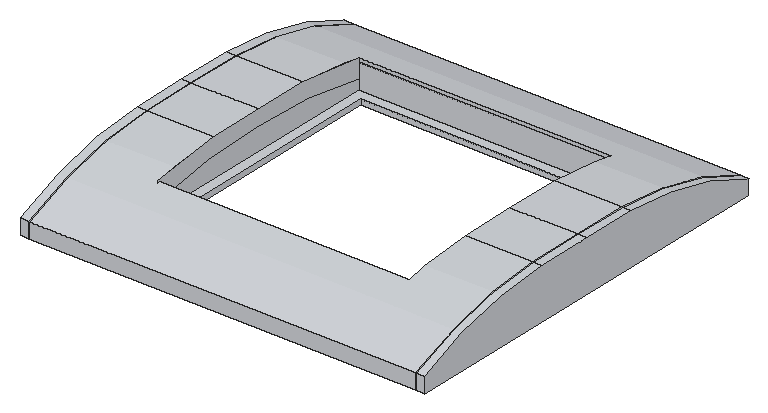
Revit family "Gira_100207", category Electrical Fixtures, host Face, Revit 2017
Family settings
  Host = Face
  Maintain Annotation Orientation = No
  Round Connector Dimension = Use Diameter
  Part Type = Normal
  Cut with Voids When Loaded = No
  Shared = No
  Room Calculation Point = No
Parameters (values of type "Cov.fr. 2-g w/o cb interm.fr. AN Gira Event p.white m")
  With mounting grid = "No"
  With hinged lid = "No"
  URL = "http://katalog.gira.de/en/datenblatt.html?artikelnr=100207"
  Type of fastening = "Clamp mounting"
  Transparent = "No"
  Surface protection = "Other"
  Suitable for wall duct = "No"
  Suitable for flush-mounted installation = "Yes"
  Suitable for floor box = "No"
  Suitable for built-in installation = "No"
  Number of units vertical = "2"
  Number of units horizontal = "2"
  Number of units = "2"
  Name = "Cov.fr. 2-g w/o cb interm.fr. AN Gira Event p.white m"
  Mounting direction = "Horizontal and vertical"
  Material quality = "Thermoplastic"
  Material = "Plastic"
  Manufacturer URL = "https://www.gira.de/"
  Manufacturer = "Gira"
  Label space/information surface = "No"
  Keynote = ""
  HeinzeBIM = "https://bimportal.heinze.de/bim/cov-fr-2-g-w-o-cb-interm-fr-an-gira-event-p-white-m/7cfb60c4c4547ee41ea7f1f59e886a9f5c52b65e"
  Halogen free = "Yes"
  HAN = "100207"
  GTIN = "4010337002079"
  Description = "Cov.fr.2g w o cb i.fr.AN Event PWm,Gira Event frames,pure white matt with anthracite intermediate frame,2-gang without crossbar,Features:,- Shatter-proof."
  Degree of protection (IP) = "IP20"
  Default Elevation = 1219.2 mm
  Data sheet (1) = "https://katalog.gira.de/en/download.html?artikelnr=100207"
  Colour = "White"
  Category = "Cover frame for domestic switching devices"
  BIM (1) = "https://media.stage.bim.site/public/gira/36a6b08/Event_Rahmen_2fach o.Mittelsteg.rfa?public/gira/36a6b08/Event_Rahmen_2fach o.Mittelsteg.rfa"
  Available = "No"
Reference planes
  plane 1 "Center (Front/Back)": y = 0
  plane 2: z = 0
  plane 3 "Center (Left/Right)": x = 0
Forms (mm)
  Extrusion 1, solid, detail levels fine
    sketch origin (0, 0, 1.55) x (0, 1, 0) y (0, 0, 1)
      loop
        arc (12.445, 9.683) -> (6.223, 9.833) -> (0, 9.85) r 291.636
        arc (0, 9.85) -> (-6.223, 9.833) -> (-12.445, 9.683) r 291.636
        arc (-12.445, 9.683) -> (-29.14, 7.482) -> (-45, 1.823) r 79.728
        line (-45, 1.823) -> (-45, -1.55) -> (-41.777, -1.55) -> (-41.777, -0.55)
        arc (-41.777, -0.55) -> (-21.205, 4.846) -> (0, 6.467) r 118.15
        arc (0, 6.467) -> (21.205, 4.846) -> (41.777, -0.55) r 118.15
        line (41.777, -0.55) -> (41.777, -1.55) -> (45, -1.55) -> (45, 1.823)
        arc (45, 1.823) -> (29.14, 7.482) -> (12.445, 9.683) r 79.728
    from -43 to 43
  Extrusion 2, void, detail levels fine
    sketch origin (0, 0, 0) x (1, 0, 0) y (0, 1, 0)
      loop
        line (-28, -28) -> (28, -28) -> (28, 28) -> (-28, 28) -> (-28, -28)
    from 2.85 to 12
  Extrusion 3, solid, detail levels coarse
    sketch origin (0, 0, 0) x (1, 0, 0) y (0, 1, 0)
      loop
        line (-45, 45) -> (-45, -45) -> (45, -45) -> (45, 45) -> (-45, 45)
    from 0 to 11.4
  Extrusion 4, solid, detail levels medium
    sketch origin (0, 0, 1.55) x (0, 1, 0) y (0, 0, 1)
      loop
        arc (12.445, 9.683) -> (6.223, 9.833) -> (0, 9.85) r 291.636
        arc (0, 9.85) -> (-6.223, 9.833) -> (-12.445, 9.683) r 291.636
        arc (-12.445, 9.683) -> (-29.14, 7.482) -> (-45, 1.823) r 79.728
        line (-45, 1.823) -> (-45, -1.55) -> (45, -1.55) -> (45, 1.823)
        arc (45, 1.823) -> (29.14, 7.482) -> (12.445, 9.683) r 79.728
    from -45 to 45
  Extrusion 5, solid, detail levels fine
    sketch origin (0, 0, 0) x (0, 1, 0) y (0, 0, 1)
      loop
        arc (45, 3.373) -> (29.14, 9.032) -> (12.445, 11.233) r 79.728
        arc (12.445, 11.233) -> (6.223, 11.383) -> (0, 11.4) r 291.636
        arc (0, 11.4) -> (-6.223, 11.383) -> (-12.445, 11.233) r 291.636
        arc (-12.445, 11.233) -> (-29.14, 9.032) -> (-45, 3.373) r 79.728
        line (-45, 3.373) -> (-45, 0) -> (45, 0) -> (45, 3.373)
    from 43 to 45
  Extrusion 6, solid, detail levels fine
    sketch origin (0, 0, 0) x (0, 1, 0) y (0, 0, -1)
      loop
        line (45, -3.373) -> (45, 0) -> (-45, 0) -> (-45, -3.373)
        arc (-45, -3.373) -> (-29.14, -9.032) -> (-12.445, -11.233) r 79.728
        arc (-12.445, -11.233) -> (-6.223, -11.383) -> (0, -11.4) r 291.636
        arc (0, -11.4) -> (6.223, -11.383) -> (12.445, -11.233) r 291.636
        arc (12.445, -11.233) -> (29.14, -9.032) -> (45, -3.373) r 79.728
    from 43 to 45
  Extrusion 7, solid, detail levels fine
    sketch origin (0, 0, 0) x (1, 0, 0) y (0, 1, 0)
      loop
        line (-25.7, 25.7) -> (-25.7, -25.7) -> (25.7, -25.7) -> (25.7, 25.7) -> (-25.7, 25.7)
      loop
        line (-29.495, 27.895) -> (-29.495, -27.895)
        spline (-29.495, -27.895) -> (-29.486, -28.025) -> (-29.461, -28.154) -> (-29.419, -28.278) -> (-29.361, -28.395) -> (-29.288, -28.504) -> (-29.202, -28.602) -> (-29.104, -28.688) -> (-28.995, -28.761) -> (-28.878, -28.819) -> (-28.754, -28.861) -> (-28.625, -28.886) -> (-28.495, -28.895)
        line (-28.495, -28.895) -> (28.495, -28.895)
        spline (28.495, -28.895) -> (28.625, -28.886) -> (28.754, -28.861) -> (28.878, -28.819) -> (28.995, -28.761) -> (29.104, -28.688) -> (29.202, -28.602) -> (29.288, -28.504) -> (29.361, -28.395) -> (29.419, -28.278) -> (29.461, -28.154) -> (29.486, -28.025) -> (29.495, -27.895)
        line (29.495, -27.895) -> (29.495, 27.895)
        spline (29.495, 27.895) -> (29.486, 28.025) -> (29.461, 28.154) -> (29.419, 28.278) -> (29.361, 28.395) -> (29.288, 28.504) -> (29.202, 28.602) -> (29.104, 28.688) -> (28.995, 28.761) -> (28.878, 28.819) -> (28.754, 28.861) -> (28.625, 28.886) -> (28.495, 28.895)
        line (28.495, 28.895) -> (-28.495, 28.895)
        spline (-28.495, 28.895) -> (-28.625, 28.886) -> (-28.754, 28.861) -> (-28.878, 28.819) -> (-28.995, 28.761) -> (-29.104, 28.688) -> (-29.202, 28.602) -> (-29.288, 28.504) -> (-29.361, 28.395) -> (-29.419, 28.278) -> (-29.461, 28.154) -> (-29.486, 28.025) -> (-29.495, 27.895)
    from 1.673 to 8.5
Cuts and joins
  Extrusion 2 cuts Extrusion 1
  Extrusion 2 cuts Extrusion 7
Dimensions and locks
  aligned and locked: plane 2 to host face
  aligned and locked: level to host face
